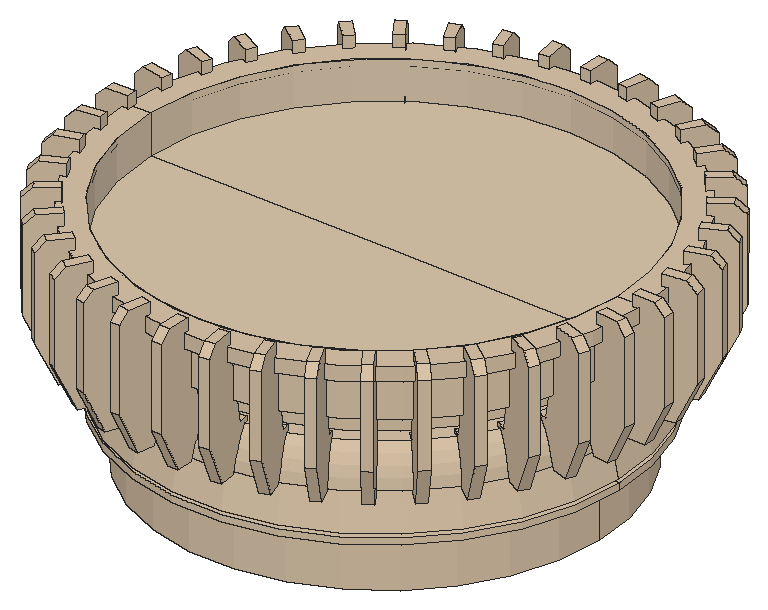
Revit family "KHL_Kemlux-Ceiling", category Lighting Fixtures, host Face, Revit 2021 (continued)
Definition of nested family "KHL"
  Automatic sketch dimensions
    Extrusion 39 sketch curve to Extrusion 39 sketch curve = 0' - 0.38321"
    Extrusion 39 sketch curve to Extrusion 39 sketch curve = 0' - 0.43044"
    Extrusion 39 sketch curve to Extrusion 39 sketch curve = 0' - 0.57179"
    Extrusion 39 sketch curve to Extrusion 39 sketch curve = 0' - 0 1/4"  (x2)
    Extrusion 39 sketch curve to Extrusion 39 sketch curve = 0' - 0.39395"
    Extrusion 39 sketch curve to Extrusion 39 sketch curve = 0' - 1.02515"
    Extrusion 39 sketch curve to Extrusion 39 sketch curve = 0' - 0.67103"
    Extrusion 39 sketch curve to Extrusion 39 sketch curve = 0' - 1.93305"
    Extrusion 39 sketch curve to Extrusion 39 sketch curve = 0' - 0.08345"
    Extrusion 40 sketch curve to Extrusion 40 sketch curve = 0' - 0 7/16"
    Extrusion 40 sketch curve to Extrusion 40 sketch curve = 0' - 0.13206"
    Extrusion 40 sketch curve to Extrusion 40 sketch curve = 0' - 0.295"
    Extrusion 40 sketch curve to Extrusion 40 sketch curve = 0' - 0.38321"
    Extrusion 40 sketch curve to Extrusion 40 sketch curve = 0' - 0.43044"
    Extrusion 40 sketch curve to Extrusion 40 sketch curve = 0' - 0.57179"
    Extrusion 40 sketch curve to Extrusion 40 sketch curve = 0' - 0 1/4"  (x2)
    Extrusion 40 sketch curve to Extrusion 40 sketch curve = 0' - 0.39395"
    Extrusion 40 sketch curve to Extrusion 40 sketch curve = 0' - 1.02515"
    Extrusion 40 sketch curve to Extrusion 40 sketch curve = 0' - 0.67103"
    Extrusion 40 sketch curve to Extrusion 40 sketch curve = 0' - 1.93305"
    Extrusion 40 sketch curve to Extrusion 40 sketch curve = 0' - 0.08345"
    Extrusion 41 sketch curve to Extrusion 41 sketch curve = 0' - 0 7/16"
    Extrusion 41 sketch curve to Extrusion 41 sketch curve = 0' - 0.13206"
    Extrusion 41 sketch curve to Extrusion 41 sketch curve = 0' - 0.295"
    Extrusion 41 sketch curve to Extrusion 41 sketch curve = 0' - 0.38321"
    Extrusion 41 sketch curve to Extrusion 41 sketch curve = 0' - 0.43044"
    Extrusion 41 sketch curve to Extrusion 41 sketch curve = 0' - 0.57179"
    Extrusion 41 sketch curve to Extrusion 41 sketch curve = 0' - 0 1/4"  (x2)
    Extrusion 41 sketch curve to Extrusion 41 sketch curve = 0' - 0.39395"
    Extrusion 41 sketch curve to Extrusion 41 sketch curve = 0' - 1.02515"
    Extrusion 41 sketch curve to Extrusion 41 sketch curve = 0' - 0.67103"
    Extrusion 41 sketch curve to Extrusion 41 sketch curve = 0' - 1.93305"
    Extrusion 41 sketch curve to Extrusion 41 sketch curve = 0' - 0.08345"
    Extrusion 42 sketch curve to Extrusion 42 sketch curve = 0' - 0 7/16"
    Extrusion 42 sketch curve to Extrusion 42 sketch curve = 0' - 0.13206"
    Extrusion 42 sketch curve to Extrusion 42 sketch curve = 0' - 0.295"
    Extrusion 42 sketch curve to Extrusion 42 sketch curve = 0' - 0.38321"
    Extrusion 42 sketch curve to Extrusion 42 sketch curve = 0' - 0.43044"
    Extrusion 42 sketch curve to Extrusion 42 sketch curve = 0' - 0.57179"
    Extrusion 42 sketch curve to Extrusion 42 sketch curve = 0' - 0 1/4"  (x2)
    Extrusion 42 sketch curve to Extrusion 42 sketch curve = 0' - 0.39395"
    Extrusion 42 sketch curve to Extrusion 42 sketch curve = 0' - 1.02515"
    Extrusion 42 sketch curve to Extrusion 42 sketch curve = 0' - 0.67103"
    Extrusion 42 sketch curve to Extrusion 42 sketch curve = 0' - 1.93305"
    Extrusion 42 sketch curve to Extrusion 42 sketch curve = 0' - 0.08345"
    Extrusion 43 sketch curve to Extrusion 43 sketch curve = 0' - 0 7/16"
    Extrusion 43 sketch curve to Extrusion 43 sketch curve = 0' - 0.13206"
    Extrusion 43 sketch curve to Extrusion 43 sketch curve = 0' - 0.295"
    Extrusion 43 sketch curve to Extrusion 43 sketch curve = 0' - 0.38321"
    Extrusion 43 sketch curve to Extrusion 43 sketch curve = 0' - 0.43044"
    Extrusion 43 sketch curve to Extrusion 43 sketch curve = 0' - 0.57179"
    Extrusion 43 sketch curve to Extrusion 43 sketch curve = 0' - 0 1/4"  (x2)
    Extrusion 43 sketch curve to Extrusion 43 sketch curve = 0' - 0.39395"
    Extrusion 43 sketch curve to Extrusion 43 sketch curve = 0' - 1.02515"
    Extrusion 43 sketch curve to Extrusion 43 sketch curve = 0' - 0.67103"
    Extrusion 43 sketch curve to Extrusion 43 sketch curve = 0' - 1.93305"
    Extrusion 43 sketch curve to Extrusion 43 sketch curve = 0' - 0.08345"
    Revolve 2 sketch curve to plane 3 "Center (Left/Right)" = 0' - 0"  (x2)
    Revolve 2 sketch curve to plane 8 = 0' - 0 1/2"
    level to Revolve 2 sketch curve = 0' - 1 5/16"
    Revolve 2 sketch curve to plane 8 = 0' - 0.23742"
    Revolve 2 sketch curve to plane 8 = 0' - 0.39032"
    Revolve 2 sketch curve to plane 8 = 0' - 0.45302"
    Revolve 2 sketch curve to Revolve 2 sketch curve = 0' - 0.00969"
    Revolve 2 sketch curve to Revolve 2 sketch curve = 0' - 0.51192"
    plane 8 to Revolve 2 sketch curve = 0' - 0.70329"
    Revolve 2 sketch curve to Revolve 2 sketch curve = 0' - 0 1/4"
    Revolve 2 sketch curve to Revolve 2 sketch curve = 0' - 1 1/8"
    Revolve 2 sketch curve to level = 0' - 4 1/2"
    Revolve 2 sketch curve to Revolve 2 sketch curve = 0' - 0.16729"
    plane 4 to Revolve 2 sketch curve = 0' - 2 1/2"
    plane 8 to Revolve 2 sketch curve = 0' - 0"
Types (10): name | Wattage Comments | Wattage | Watt | Photometric Web File | Optics | built-in parameter 1150105 | Lumens | Lamp | built-in parameter 1150106 | built-in parameter 1150104 | Apparent Load
  (no name) | "86 Watts, 36 LEDs" | 86 W | 86 W | "KXL-36L-X-5K-N.ies" | "Type V Rectangle" | 718.58 (stored number, unit not read) | 9030 lm | "36 High Performanc LEDs" | 7.1858 (stored number, unit not read) | 9.7548 (stored number, unit not read) | 86 VA
  KHL-18L-X-5K-5M | "43 Watts, 18 LEDs" | 43 W | 43 W | "KXL-18L-X-5K-5M.ies" | "Type V Square" | 345.6 (stored number, unit not read) | 4343 lm | "18 High Performanc LEDs" | 3.456 (stored number, unit not read) | 9.3832 (stored number, unit not read) | 43 VA
  KHL-18L-X-5K-5R | "43 Watts, 18 LEDs" | 43 W | 43 W | "KXL-18L-X-5K-5R.ies" | "Type V Rectangle" | 349.03 (stored number, unit not read) | 4386 lm | "18 High Performanc LEDs" | 3.4903 (stored number, unit not read) | 9.4761 (stored number, unit not read) | 43 VA
  KHL-18L-X-5K-N | "43 Watts, 18 LEDs" | 43 W | 43 W | "KXL-18L-X-5K-N.ies" | "Narrow" | 352.45 (stored number, unit not read) | 4429 lm | "18 High Performanc LEDs" | 3.5245 (stored number, unit not read) | 9.569 (stored number, unit not read) | 43 VA
  KHL-24L-X-5K-5M | "57 Watts, 24 LEDs" | 57 W | 57 W | "KXL-24L-X-5K-5M.ies" | "Type V Square" | 1765.2 (stored number, unit not read) | 5700 lm | "24 High Performanc LEDs" | 17.652 (stored number, unit not read) | 9.2903 (stored number, unit not read) | 57 VA
  KHL-24L-X-5K-5R | "57 Watts, 24 LEDs" | 57 W | 57 W | "KXL-24L-X-5K-5R.ies" | "Type V Rectangle" | 467.2 (stored number, unit not read) | 5871 lm | "24 High Performanc LEDs" | 4.672 (stored number, unit not read) | 9.569 (stored number, unit not read) | 57 VA
  KHL-24L-X-5K-N | "57 Watts, 24 LEDs" | 57 W | 57 W | "KXL-24L-X-5K-N.ies" | "Narrow" | 476.27 (stored number, unit not read) | 5985 lm | "24 High Performanc LEDs" | 4.7627 (stored number, unit not read) | 9.7548 (stored number, unit not read) | 57 VA
  KHL-36L-X-5K-5M | "86 Watts, 36 LEDs" | 86 W | 86 W | "KXL-36L-X-5K-5M.ies" | "Type V Square" | 677.52 (stored number, unit not read) | 8514 lm | "36 High Performanc LEDs" | 6.7752 (stored number, unit not read) | 9.1974 (stored number, unit not read) | 86 VA
  KHL-36L-X-5K-5R | "86 Watts, 36 LEDs" | 86 W | 86 W | "KXL-36L-X-5K-5R.ies" | "Type V Rectangle" | 698.05 (stored number, unit not read) | 8772 lm | "36 High Performanc LEDs" | 6.9805 (stored number, unit not read) | 9.4761 (stored number, unit not read) | 86 VA
  KHL-36L-X-5K-N | "86 Watts, 36 LEDs" | 86 W | 86 W | "KXL-36L-X-5K-N.ies" | "Type V Rectangle" | 718.58 (stored number, unit not read) | 9030 lm | "36 High Performanc LEDs" | 7.1858 (stored number, unit not read) | 9.7548 (stored number, unit not read) | 86 VA
